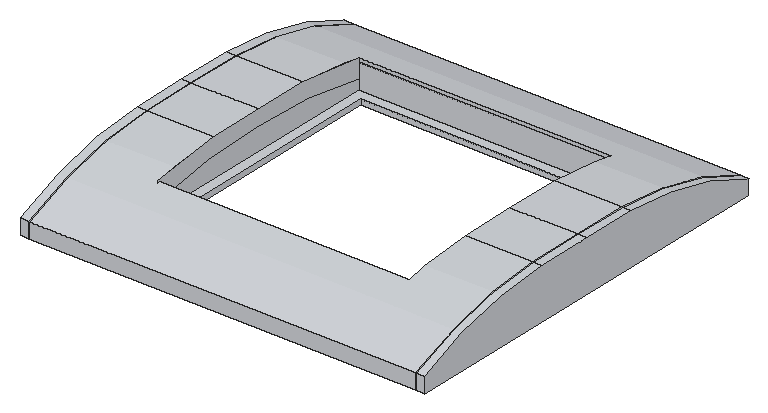
Revit family "Gira_0211806", category Electrical Fixtures, host Face, Revit 2017
Family settings
  Host = Face
  Maintain Annotation Orientation = No
  Round Connector Dimension = Use Diameter
  Part Type = Normal
  Cut with Voids When Loaded = No
  Shared = No
  Room Calculation Point = No
Parameters (values of type "Abdeckrahmen 1f Zwischenr. F Alu Gira Event Reinweiß")
  Werkstoffgüte = "Thermoplast"
  Werkstoff = "Kunststoff"
  URL = "http://katalog.gira.de/de_DE/datenblatt.html?artikelnr=0211806"
  Transparent = "No"
  Textfeld/Beschriftungsfläche = "No"
  Schutzart (IP) = "IP20"
  Region = "DE"
  Oberfläche = "sonstige"
  Name = "Abdeckrahmen 1f Zwischenr. F Alu Gira Event Reinweiß"
  Montagerichtung = "horizontal und vertikal"
  Mit Montagerahmen = "No"
  Mit Klappdeckel = "No"
  Manufacturer URL = "https://www.gira.de/"
  Keynote = "Event_Rahmen_1fach"
  HeinzeBIM = "https://bimportal.heinze.de/bim/abdeckrahmen-1f-zwischenr-f-alu-gira-event-reinweiss/14c0e51d6b5685f31c60a47f2eb7ee49facf3d99"
  Halogenfrei = "Yes"
  HAN = "0211806"
  Geeignet für Unterputz-Installation = "Yes"
  Geeignet für Unterflurkanaldose = "No"
  Geeignet für Geräteeinbaukanal = "No"
  Geeignet für Einbauinstallation = "No"
  GTIN = "4010337070061"
  Farbe = "weiß"
  Default Elevation = 1219.2 mm
  Data sheet (1) = "https://katalog.gira.de/de_DE/download.html?artikelnr=0211806"
  Category = "Abdeckrahmen"
  Befestigungsart = "Klemmbefestigung"
  Available = "Yes"
  Anzahl der Einheiten vertikal = "1 "
  Anzahl der Einheiten horizontal = "1 "
  Anzahl der Einheiten = "1 "
Reference planes
  plane 1 "Center (Front/Back)": y = 0
  plane 2: z = 0
  plane 3 "Center (Left/Right)": x = 0
Forms (mm)
  Extrusion 1, solid, detail levels fine
    sketch origin (0, 0, 1.55) x (0, 1, 0) y (0, 0, 1)
      loop
        arc (12.445, 9.683) -> (6.223, 9.833) -> (0, 9.85) r 291.636
        arc (0, 9.85) -> (-6.223, 9.833) -> (-12.445, 9.683) r 291.636
        arc (-12.445, 9.683) -> (-29.14, 7.482) -> (-45, 1.823) r 79.728
        line (-45, 1.823) -> (-45, -1.55) -> (-41.777, -1.55) -> (-41.777, -0.55)
        arc (-41.777, -0.55) -> (-21.205, 4.846) -> (0, 6.467) r 118.15
        arc (0, 6.467) -> (21.205, 4.846) -> (41.777, -0.55) r 118.15
        line (41.777, -0.55) -> (41.777, -1.55) -> (45, -1.55) -> (45, 1.823)
        arc (45, 1.823) -> (29.14, 7.482) -> (12.445, 9.683) r 79.728
    from -43 to 43
  Extrusion 2, void, detail levels fine
    sketch origin (0, 0, 0) x (1, 0, 0) y (0, 1, 0)
      loop
        line (-28, -28) -> (28, -28) -> (28, 28) -> (-28, 28) -> (-28, -28)
    from 2.85 to 12
  Extrusion 3, solid, detail levels coarse
    sketch origin (0, 0, 0) x (1, 0, 0) y (0, 1, 0)
      loop
        line (-45, 45) -> (-45, -45) -> (45, -45) -> (45, 45) -> (-45, 45)
    from 0 to 11.4
  Extrusion 4, solid, detail levels medium
    sketch origin (0, 0, 1.55) x (0, 1, 0) y (0, 0, 1)
      loop
        arc (12.445, 9.683) -> (6.223, 9.833) -> (0, 9.85) r 291.636
        arc (0, 9.85) -> (-6.223, 9.833) -> (-12.445, 9.683) r 291.636
        arc (-12.445, 9.683) -> (-29.14, 7.482) -> (-45, 1.823) r 79.728
        line (-45, 1.823) -> (-45, -1.55) -> (45, -1.55) -> (45, 1.823)
        arc (45, 1.823) -> (29.14, 7.482) -> (12.445, 9.683) r 79.728
    from -45 to 45
  Extrusion 5, solid, detail levels fine
    sketch origin (0, 0, 0) x (0, 1, 0) y (0, 0, 1)
      loop
        arc (45, 3.373) -> (29.14, 9.032) -> (12.445, 11.233) r 79.728
        arc (12.445, 11.233) -> (6.223, 11.383) -> (0, 11.4) r 291.636
        arc (0, 11.4) -> (-6.223, 11.383) -> (-12.445, 11.233) r 291.636
        arc (-12.445, 11.233) -> (-29.14, 9.032) -> (-45, 3.373) r 79.728
        line (-45, 3.373) -> (-45, 0) -> (45, 0) -> (45, 3.373)
    from 43 to 45
  Extrusion 6, solid, detail levels fine
    sketch origin (0, 0, 0) x (0, 1, 0) y (0, 0, -1)
      loop
        line (45, -3.373) -> (45, 0) -> (-45, 0) -> (-45, -3.373)
        arc (-45, -3.373) -> (-29.14, -9.032) -> (-12.445, -11.233) r 79.728
        arc (-12.445, -11.233) -> (-6.223, -11.383) -> (0, -11.4) r 291.636
        arc (0, -11.4) -> (6.223, -11.383) -> (12.445, -11.233) r 291.636
        arc (12.445, -11.233) -> (29.14, -9.032) -> (45, -3.373) r 79.728
    from 43 to 45
  Extrusion 7, solid, detail levels fine
    sketch origin (0, 0, 0) x (1, 0, 0) y (0, 1, 0)
      loop
        line (-25.7, 25.7) -> (-25.7, -25.7) -> (25.7, -25.7) -> (25.7, 25.7) -> (-25.7, 25.7)
      loop
        line (-29.495, 27.895) -> (-29.495, -27.895)
        spline (-29.495, -27.895) -> (-29.486, -28.025) -> (-29.461, -28.154) -> (-29.419, -28.278) -> (-29.361, -28.395) -> (-29.288, -28.504) -> (-29.202, -28.602) -> (-29.104, -28.688) -> (-28.995, -28.761) -> (-28.878, -28.819) -> (-28.754, -28.861) -> (-28.625, -28.886) -> (-28.495, -28.895)
        line (-28.495, -28.895) -> (28.495, -28.895)
        spline (28.495, -28.895) -> (28.625, -28.886) -> (28.754, -28.861) -> (28.878, -28.819) -> (28.995, -28.761) -> (29.104, -28.688) -> (29.202, -28.602) -> (29.288, -28.504) -> (29.361, -28.395) -> (29.419, -28.278) -> (29.461, -28.154) -> (29.486, -28.025) -> (29.495, -27.895)
        line (29.495, -27.895) -> (29.495, 27.895)
        spline (29.495, 27.895) -> (29.486, 28.025) -> (29.461, 28.154) -> (29.419, 28.278) -> (29.361, 28.395) -> (29.288, 28.504) -> (29.202, 28.602) -> (29.104, 28.688) -> (28.995, 28.761) -> (28.878, 28.819) -> (28.754, 28.861) -> (28.625, 28.886) -> (28.495, 28.895)
        line (28.495, 28.895) -> (-28.495, 28.895)
        spline (-28.495, 28.895) -> (-28.625, 28.886) -> (-28.754, 28.861) -> (-28.878, 28.819) -> (-28.995, 28.761) -> (-29.104, 28.688) -> (-29.202, 28.602) -> (-29.288, 28.504) -> (-29.361, 28.395) -> (-29.419, 28.278) -> (-29.461, 28.154) -> (-29.486, 28.025) -> (-29.495, 27.895)
    from 1.673 to 8.5
Cuts and joins
  Extrusion 2 cuts Extrusion 1
  Extrusion 2 cuts Extrusion 7
Dimensions and locks
  aligned and locked: plane 2 to host face
  aligned and locked: level to host face
